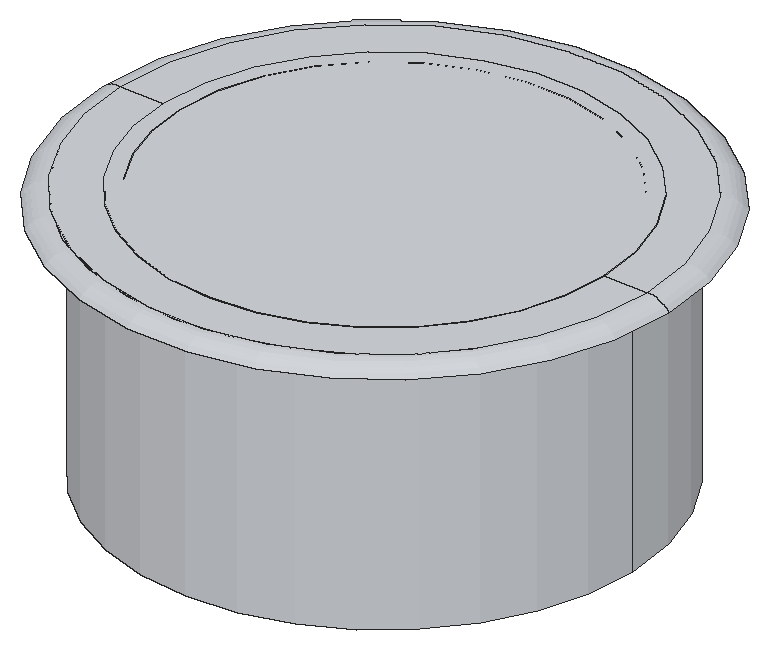
Revit family "Alcon-9034-18-Revit-Family", category Generic Models, host Face, Revit 2025
Family settings
  Host = Face
  Can host rebar = No
  Round Connector Dimension = Use Diameter
  Part Type = Normal
  Cut with Voids When Loaded = No
  Maintain Annotation Orientation = No
  Shared = No
  Room Calculation Point = No
Parameters
  URL = "https://www.alconlighting.com/9034-18.html"
  TAP LENS = none
  Product identity = "Alcon Lighting 9034-18"
  Manufacturer = "Alcon Lighting"
  HOUSING = none
  GLASS LENS = none
  Default Elevation = 4' - 0"
Reference planes (in)
  plane 1 "Center (Front/Back)": y = 0
  plane 2: z = 0
  plane 3 "Center (Left/Right)": x = 0
Forms (in)
  Revolve 1, solid, material <- "HOUSING"
    sketch origin (0, 0, 0) x (1, 0, 0) y (0, 0, 1)
      loop
        line (0, 0) -> (3.8, 0) -> (3.8, 3.73416) -> (3.65156, 3.73416) -> (3.65156, 0.14844) -> (0, 0.14844) -> (0, 0)
      axis (0, 3.73416) -> (0, 0)
    angle from 0 to 360
  Revolve 2, solid, material <- "TAP LENS"
    sketch origin (0, 0, 0) x (1, 0, 0) y (0, 0, 1)
      loop
        line (3.12478, 3.73416) -> (4.35, 3.73416)
        arc (4.35, 3.73416) -> (4.20806, 3.86046) -> (4.02221, 3.89991) r 0.37092
        line (4.02221, 3.89991) -> (3.12478, 3.89991) -> (3.12478, 3.73416)
      axis (0, 3.89991) -> (0, 3.73416)
    angle from 0 to 360
  Extrusion 3, solid
    sketch origin (0, 0, 0) x (1, 0, 0) y (0, 1, 0)
      loop
        circle (0.07885, 2.27229) r 0.40283
      loop
        circle (-1.07685, 2.00548) r 0.40283
      loop
        circle (-1.95713, 1.23015) r 0.40283
      loop
        circle (-2.29012, 0.09482) r 0.40283
      loop
        circle (-2.11483, -1.07138) r 0.40283
      loop
        circle (-1.28858, -1.89763) r 0.40283
      loop
        circle (-0.13776, -2.27902) r 0.40283
      loop
        circle (1.02983, -1.98791) r 0.40283
      loop
        circle (1.94568, -1.23724) r 0.40283
      loop
        circle (0.40004, -0.91883) r 0.40283
      loop
        circle (-0.57973, -0.83311) r 0.40283
      loop
        circle (-1.03369, 0.04117) r 0.40283
      loop
        circle (-0.50761, 0.86811) r 0.40283
      loop
        circle (0.54942, 0.82012) r 0.40283
      loop
        circle (0.97008, -0.04235) r 0.40283
      loop
        circle (2.27316, -0.08786) r 0.40283
      loop
        circle (1.98786, 1.09245) r 0.40283
      loop
        circle (1.20653, 1.90155) r 0.40283
    from 3.36238 to 3.73416
  Revolve 4, solid
    sketch origin (0, 0, 0) x (1, 0, 0) y (0, 0, 1)
      loop
        line (0, 3.36238) -> (0, 3.29896) -> (3.36196, 3.29896) -> (3.36196, 3.73416) -> (3.32567, 3.73416) -> (3.32567, 3.36238) -> (0, 3.36238)
      axis (0, 3.73416) -> (0, 3.29896)
    angle from 0 to 360
  Extrusion 5, solid, material <- "GLASS LENS"
    sketch origin (0, 0, 0) x (1, 0, 0) y (0, 1, 0)
      loop
        circle (0, 0) r 3.36196
    from 3.83995 to 3.9
Dimensions and locks (in)
  aligned and locked: plane 2 to host face
  aligned and locked: level to host face
